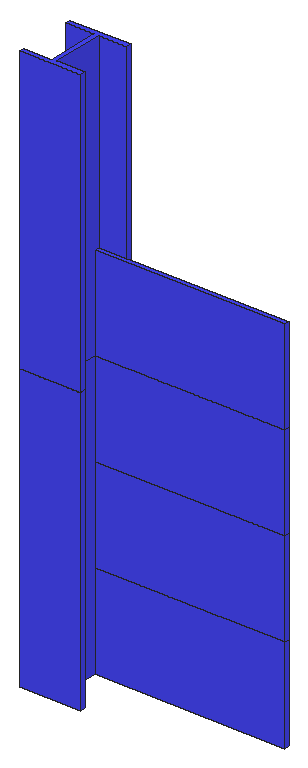
Revit family "SFD-RWL-HAS-Soldier_Pile", category Structural Foundations, Revit 2016
Family settings
  Material for Model Behavior = Steel
  Cap = No
  Work Plane-Based = Yes
  Always vertical = Yes
  Cut with Voids When Loaded = No
  Shared = Yes
Parameters (values of type "305x305x180 kg/m")
  tw = 24.8 mm
  tf = 24.8 mm
  Type Comments = "S450J0"
  Total pile length [instance] = Pile length in rock + Pile length in soil  # 3000 mm
  Structural Material [instance] = Steel
  Pile length in soil [instance] = 1500 mm
  Pile length in rock [instance] = 1500 mm
  Paint [instance] = Paint
  No. Of Lag [instance] = 4
  Manufacturer = "Dragon Steel"
  Lag thickness [instance] = 25 mm
  Lag length [instance] = 1000 mm
  Lag High [instance] = 500 mm
  Description = "305x305x180 kg/m H-PILE"
  Default Elevation = 1219.2 mm
  D = 326.7 mm
  B = 319.7 mm
  Assembly Code = ""
Types (4, lengths in mm): name | tw | tf | Type Comments | Total pile length | Pile length in soil | Pile length in rock | No. Of Lag | Manufacturer | Lag thickness | Lag length | Lag High | Description | D | B
  305x305x186 kg/m | 24.8 | 24.8 | "S450J0" | 3000 | 1500 | 1500 | 2 | "Dragon Steel" | 25 | 1763.286 | 429.191 | "305x305x180 kg/m H-PILE" | 326.7 | 319.7
  305x305x223 kg/m | 30.5 | 30.5 | "BS4:Part 1" | 12000 | 4925 | 7075 | 2 | 0 | 40 | 500 | 429.191 | "305x305x223 kg/m H-PILE" | 338 | 325.4
  305x305x180 kg/m | 24.8 | 24.8 | "S450J0" | 3000 | 1500 | 1500 | 4 | "Dragon Steel" | 25 | 1000 | 500 | "305x305x180 kg/m H-PILE" | 326.7 | 319.7
  356x368x174 kg/m | 20.4 | 20.4 | "BS4:Part 1" | 12000 | 4925 | 7075 | 2 | 0 | 40 | 500 | 429.191 | "356x368x174 kg/m H-PILE" | 361.5 | 378.1
Reference planes
  plane 1 "Center (Front/Back)": y = 0
  plane 2: z = 0
  plane 3 "Center (Left/Right)": x = -7.2
  plane 4 "Founding level": z = -3000
  plane 5: x = -167.05
  plane 6: x = 152.65
  plane 7: y = 138.55
  plane 8: y = 163.35
  plane 9: y = -138.55
  plane 10: y = -163.35
  plane 11: x = 5.2
  plane 12: x = -19.6
  plane 13: z = -1500
Forms (mm)
  Extrusion 1, solid, material "Steel" <- "Structural Material"
    sketch origin (0, 0, 0) x (1, 0, 0) y (0, 1, 0)
      loop
        line (-167.05, 163.35) -> (-167.05, 138.55) -> (-19.6, 138.55) -> (-19.6, -138.55) -> (-167.05, -138.55) -> (-167.05, -163.35) -> (152.65, -163.35) -> (152.65, -138.55) -> (5.2, -138.55) -> (5.2, 138.55) -> (152.65, 138.55) -> (152.65, 163.35) -> (-167.05, 163.35)
    from -1500 to 0
  Extrusion 2, solid, material "Steel" <- "Structural Material"
    sketch origin (0, 0, 0) x (1, 0, 0) y (0, 1, 0)
      loop
        line (-167.05, 163.35) -> (-167.05, 138.55) -> (-19.6, 138.55) -> (-19.6, -138.55) -> (-167.05, -138.55) -> (-167.05, -163.35) -> (152.65, -163.35) -> (152.65, -138.55) -> (5.2, -138.55) -> (5.2, 138.55) -> (152.65, 138.55) -> (152.65, 163.35) -> (-167.05, 163.35)
    from -3000 to -1500
  Extrusion 3, solid, material "Steel" <- "Structural Material"
    sketch origin (-19.6, 138.55, 640) x (-1, 0, 0) y (0, 0, -1)
      loop
        line (-1024.8, 3140) -> (-24.8, 3140) -> (-24.8, 3640) -> (-1024.8, 3640) -> (-1024.8, 3140)
    from 0 to 25
  Extrusion 4, solid, material "Steel" <- "Structural Material"
    sketch origin (-19.6, 138.55, 1140) x (-1, 0, 0) y (0, 0, -1)
      loop
        line (-1024.8, 3140) -> (-24.8, 3140) -> (-24.8, 3640) -> (-1024.8, 3640) -> (-1024.8, 3140)
    from 0 to 25
  Extrusion 5, solid, material "Steel" <- "Structural Material"
    sketch origin (-19.6, 138.55, 1640) x (-1, 0, 0) y (0, 0, -1)
      loop
        line (-1024.8, 3140) -> (-24.8, 3140) -> (-24.8, 3640) -> (-1024.8, 3640) -> (-1024.8, 3140)
    from 0 to 25
  Extrusion 6, solid, material "Steel" <- "Structural Material"
    sketch origin (-19.6, 138.55, 2140) x (-1, 0, 0) y (0, 0, -1)
      loop
        line (-1024.8, 3140) -> (-24.8, 3140) -> (-24.8, 3640) -> (-1024.8, 3640) -> (-1024.8, 3140)
    from 0 to 25
Dimensions and locks
  equal spacing: plane 5, plane 3 "Center (Left/Right)", plane 6
  equal spacing: plane 10, plane 1 "Center (Front/Back)", plane 8
  equal spacing: plane 12, plane 3 "Center (Left/Right)", plane 11
  "D": plane 10 to plane 8
  "tf": plane 8 to plane 7
  "tf": plane 10 to plane 9
  "tw": plane 12 to plane 11
  "B": plane 5 to plane 6
  "Pile length in rock": plane 4 "Founding level" to plane 13
  "Pile length in soil": plane 13 to plane 2
  "Lag High": Extrusion 3 to Extrusion 3
  equal spacing: group 1, group 2, group 3, group 4  (x3)
  aligned and locked: plane 2 to level
  aligned and locked: plane 8 to Extrusion 1 sketch curve
  aligned and locked: plane 6 to Extrusion 1 sketch curve
  aligned and locked: plane 7 to Extrusion 1 sketch curve
  aligned and locked: Extrusion 2 to plane 4 "Founding level"
  aligned and locked: level to Extrusion 1
  aligned and locked: plane 13 to Extrusion 2
  aligned and locked: Extrusion 1 to plane 13
  aligned and locked: Extrusion 3 to Extrusion 2  (x2)
  aligned and locked: Extrusion 3 to plane 4 "Founding level"
  aligned and locked: Extrusion 4 to Extrusion 3  (x2)
  aligned and locked: Extrusion 4 to Extrusion 2
Automatic sketch dimensions
  Extrusion 1 sketch curve to plane 5 = 0 mm  (x2)
  Extrusion 1 sketch curve to plane 7 = 0 mm
  Extrusion 1 sketch curve to plane 12 = 0 mm
  plane 9 to Extrusion 1 sketch curve = 0 mm  (x2)
  Extrusion 1 sketch curve to plane 11 = 0 mm
  Extrusion 1 sketch curve to plane 6 = 0 mm
  Extrusion 1 sketch curve to plane 10 = 0 mm
  Extrusion 2 sketch curve to plane 5 = 0 mm  (x2)
  Extrusion 2 sketch curve to plane 7 = 0 mm  (x2)
  Extrusion 2 sketch curve to plane 12 = 0 mm
  plane 9 to Extrusion 2 sketch curve = 0 mm  (x2)
  Extrusion 2 sketch curve to plane 11 = 0 mm
  Extrusion 2 sketch curve to plane 6 = 0 mm  (x2)
  Extrusion 2 sketch curve to plane 10 = 0 mm
  plane 8 to Extrusion 2 sketch curve = 0 mm
  Extrusion 3 sketch curve to Extrusion 3 sketch curve = 500 mm
  Extrusion 3 sketch curve to Extrusion 3 sketch curve = 1000 mm
  Extrusion 4 sketch curve to Extrusion 4 sketch curve = 500 mm
  Extrusion 4 sketch curve to Extrusion 4 sketch curve = 1000 mm
  Extrusion 5 sketch curve to Extrusion 5 sketch curve = 500 mm
  Extrusion 5 sketch curve to Extrusion 5 sketch curve = 1000 mm
  Extrusion 6 sketch curve to Extrusion 6 sketch curve = 500 mm
  Extrusion 6 sketch curve to Extrusion 6 sketch curve = 1000 mm
